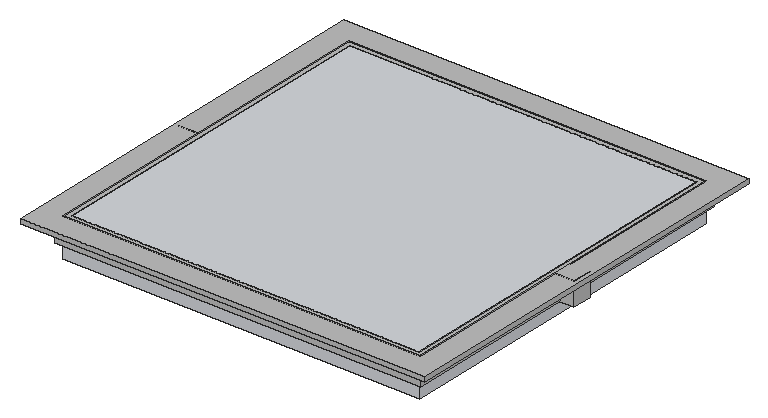
Revit family "Door_Access_Floor_Best_Access_Doors_BA-RRFD-C1-LiftOut", category Specialty Equipment, host Face, Revit 2017
Family settings
  Host = Face
  Round Connector Dimension = Use Diameter
  Part Type = Normal
  Cut with Voids When Loaded = No
  Shared = No
  Room Calculation Point = No
Parameters (values of type "18 x 18 Nom for Tile or Concrete")
  halfswing = (Door Width / 2)  # 0' - 9 3/8"
  Warranty Duration (Years) = 0
  Unit Width = 1' - 6 3/4"
  Unit Weight = 18
  Unit Height = 1' - 6 3/4"
  Unit Depth = 0' - 2"
  URL = "https://www.bestaccessdoors.com/"
  Test Data = ""
  Standards Conformance = "as Specified"
  Specification = ""
  SpecWizard = ""
  Sales Information = ""
  Revision = "R1_2017-03"
  Product data url = "https://bimobject.com/best-access-doors/product/removable-floor-hatch-recessed-for-concrete-access-door"
  Product Properties = ""
  Product Data = ""
  Overall Width = 1' - 9 1/4"
  Overall Height = 1' - 9 1/4"
  Opening Width = Unit Width  # 1' - 6 3/4"
  Opening Height = Unit Height  # 1' - 6 3/4"
  Opening Depth [instance] = 1' - 0"
  Model = "BA-RRFD-T1/BA-RRFD-C1"
  Manufacturer = "Best Access Doors"  # constant formula
  Maintenance Schedule (Months) = 0
  Keynote = ""
  Installation-Fabrication = ""
  Installation Phase = ""
  Green Building-LEED = ""
  Floor Material [instance] = none
  Fixture Finish [instance] = Metal - Best Access Doors - Aluminum
  Expected Lifespan (Years) = 0
  Door Width = Overall Width - (0' 1 1/4" * 2)  # 1' - 6 3/4"
  Door Height = Overall Height - (0' 1 1/4" * 2)  # 1' - 6 3/4"
  Description = "Best Access Doors Lift Out Floor Access Door for Tile or Concrete - BA-RRFD-T1/BA-RRFD-C1 as Specified"
  Default Elevation = 0' - 0"  # constant formula
  Construction Details = ""
  Clearance Material [instance] = Clearance
  Clear Opening Width = 1' - 6"
  Clear Opening Height = 1' - 6"
  Capacity = "150 lbs/sqft"
  Available Options [instance] = "as Specified"
  Assembly Code = ""
Types (8): name | halfswing | Unit Width | Unit Weight | Unit Height | Overall Width | Overall Height | Opening Width | Opening Height | Model | Door Width | Door Height | Description | Clear Opening Width | Clear Opening Height
  24 x 24 Nom for Tile or Concrete | 1' - 0 3/8" | 2' - 0 3/4" | 36 | 2' - 0 3/4" | 2' - 3 1/4" | 2' - 3 1/4" | 2' - 0 3/4" | 2' - 0 3/4" | "BA-RRFD-T1/BA-RRFD-C1" | 2' - 0 3/4" | 2' - 0 3/4" | "Best Access Doors Lift Out Floor Access Door for Tile or Concrete - BA-RRFD-T1/BA-RRFD-C1 as Specified" | 2' - 0" | 2' - 0"
  18 x 18 Nom for Tile or Concrete | 0' - 9 3/8" | 1' - 6 3/4" | 18 | 1' - 6 3/4" | 1' - 9 1/4" | 1' - 9 1/4" | 1' - 6 3/4" | 1' - 6 3/4" | "BA-RRFD-T1/BA-RRFD-C1" | 1' - 6 3/4" | 1' - 6 3/4" | "Best Access Doors Lift Out Floor Access Door for Tile or Concrete - BA-RRFD-T1/BA-RRFD-C1 as Specified" | 1' - 6" | 1' - 6"
  12 x 12 Nom for Tile or Concrete | 0' - 6 3/8" | 1' - 0 3/4" | 9 | 1' - 0 3/4" | 1' - 3 1/4" | 1' - 3 1/4" | 1' - 0 3/4" | 1' - 0 3/4" | "BA-RRFD-T1/BA-RRFD-C1" | 1' - 0 3/4" | 1' - 0 3/4" | "Best Access Doors Lift Out Floor Access Door for Tile or Concrete - BA-RRFD-T1/BA-RRFD-C1 as Specified" | 1' - 0" | 1' - 0"
  8 x 8 Nom for Tile or Concrete | 0' - 4 3/8" | 0' - 8 3/4" | 6 | 0' - 8 3/4" | 0' - 11 1/4" | 0' - 11 1/4" | 0' - 8 3/4" | 0' - 8 3/4" | "BA-RRFD-T1/BA-RRFD-C1" | 0' - 8 3/4" | 0' - 8 3/4" | "Best Access Doors Lift Out Floor Access Door for Tile or Concrete - BA-RRFD-T1/BA-RRFD-C1 as Specified" | 0' - 8" | 0' - 8"
  24 x 24 Nom for Vinyl Tile or Carpet | 1' - 0 3/8" | 2' - 0 3/4" | 36 | 2' - 0 3/4" | 2' - 3 1/4" | 2' - 3 1/4" | 2' - 0 3/4" | 2' - 0 3/4" | "BA-RRFD-18" | 2' - 0 3/4" | 2' - 0 3/4" | "Best Access Doors Lift Out Floor Access Door for Vinyl Tile or Carpet - BA-RRFD-18 as Specified" | 2' - 0" | 2' - 0"
  18 x 18 Nom for Vinyl Tile or Carpet | 0' - 9 3/8" | 1' - 6 3/4" | 18 | 1' - 6 3/4" | 1' - 9 1/4" | 1' - 9 1/4" | 1' - 6 3/4" | 1' - 6 3/4" | "BA-RRFD-18" | 1' - 6 3/4" | 1' - 6 3/4" | "Best Access Doors Lift Out Floor Access Door for Vinyl Tile or Carpet - BA-RRFD-18 as Specified" | 1' - 6" | 1' - 6"
  12 x 12 Nom for Vinyl Tile or Carpet | 0' - 6 3/8" | 1' - 0 3/4" | 9 | 1' - 0 3/4" | 1' - 3 1/4" | 1' - 3 1/4" | 1' - 0 3/4" | 1' - 0 3/4" | "BA-RRFD-18" | 1' - 0 3/4" | 1' - 0 3/4" | "Best Access Doors Lift Out Floor Access Door for Vinyl Tile or Carpet - BA-RRFD-18 as Specified" | 1' - 0" | 1' - 0"
  8 x 8 Nom for Vinyl Tile or Carpet | 0' - 4 3/8" | 0' - 8 3/4" | 6 | 0' - 8 3/4" | 0' - 11 1/4" | 0' - 11 1/4" | 0' - 8 3/4" | 0' - 8 3/4" | "BA-RRFD-18" | 0' - 8 3/4" | 0' - 8 3/4" | "Best Access Doors Lift Out Floor Access Door for Vinyl Tile or Carpet - BA-RRFD-18 as Specified" | 0' - 8" | 0' - 8"
Reference planes (in)
  plane 1 "Center (Front/Back)": y = 1.28343
  plane 2: z = 0
  plane 3 "Center (Left/Right)": x = 0
  plane 4: y = 10.65843
  plane 5: y = -8.09157
  plane 6: x = -9.375
  plane 7: x = 9.375
  plane 8: z = 0
  plane 9: y = 11.90843
  plane 10: y = -9.34157
  plane 11: x = -10.625
  plane 12: x = 10.625
  plane 13: z = -2
  plane 14: x = -9.375
  plane 15: x = 9.375
  plane 16: y = 10.65843
  plane 17: y = -8.09157
  plane 18: z = -12
  plane 19: y = -8.09157
  plane 20: y = 10.65843
  plane 21: x = -9.375
  plane 22: x = 9.375
Forms (in)
  Extrusion 1, void
    sketch origin (0, 0, 0) x (1, 0, 0) y (0, 1, 0)
      loop
        line (-9.375, 10.65843) -> (-9.375, -8.09157) -> (9.375, -8.09157) -> (9.375, 10.65843) -> (-9.375, 10.65843)
    from -12 to 0
  Sweep 2, solid, material "Metal - Best Access Doors - Aluminum" <- "Fixture Finish"
    path origin (0, 0, 0) x (1, 0, 0) y (0, 1, 0)
      loop
        line (-10.625, 11.90843) -> (-10.625, -9.34157) -> (10.625, -9.34157) -> (10.625, 11.90843) -> (-10.625, 11.90843)
    profile origin (0, 11.90843, 0) x (0, 1, 0) y (0, 0, 1)
      loop
        line (-1.25, 0) -> (-1.25, -1.25) -> (-1, -1.25) -> (-1, -0.25) -> (0, -0.25) -> (0, 0) -> (-1.25, 0)
  Extrusion 3, solid, material "Metal - Best Access Doors - Aluminum" <- "Fixture Finish"
    sketch origin (0, 0, 0) x (1, 0, 0) y (0, 1, 0)
      loop
        line (-9.375, 10.65843) -> (-9.375, -8.09157) -> (9.375, -8.09157) -> (9.375, 10.65843) -> (-9.375, 10.65843)
      loop
        line (9.125, 10.40843) -> (-9.125, 10.40843) -> (-9.125, -7.84157) -> (9.125, -7.84157) -> (9.125, 10.40843)
    from 0 to -0.25
  Extrusion 4, solid, material "Metal - Best Access Doors - Aluminum" <- "Fixture Finish"
    sketch origin (0, 0, 0) x (1, 0, 0) y (0, 1, 0)
      loop
        line (-9.125, 10.40843) -> (-9.125, -7.84157) -> (9.125, -7.84157) -> (9.125, 10.40843) -> (-9.125, 10.40843)
    from -0.85435 to -0.25
  Sweep 5, void
    path origin (0, 0, 0) x (1, 0, 0) y (0, 1, 0)
      loop
        line (-10.625, 11.90843) -> (-10.625, -9.34157) -> (10.625, -9.34157) -> (10.625, 11.90843) -> (-10.625, 11.90843)
    profile origin (0, 11.90843, 0) x (0, 1, 0) y (0, 0, 1)
      loop
        line (0, 0) -> (-1.25, 0) -> (-1.25, -1.25) -> (-1, -1.25) -> (-1, -0.25) -> (0, -0.25) -> (0, 0)
  Extrusion 6, solid, material <- "Floor Material"
    sketch origin (0, 0, 0) x (1, 0, 0) y (0, 1, 0)
      loop
        line (-9.125, 10.40843) -> (-9.125, -7.84157) -> (9.125, -7.84157) -> (9.125, 10.40843) -> (-9.125, 10.40843)
    from 0 to -0.25
  Extrusion 7, solid, material "Metal - Best Access Doors - Aluminum" <- "Fixture Finish"
    sketch origin (0, 0, 0) x (1, 0, 0) y (0, 1, 0)
      loop
        line (-9.375, 0.78343) -> (-9.375, 1.78343) -> (-10.375, 1.78343) -> (-10.375, 0.78343) -> (-9.375, 0.78343)
      loop
        line (9.375, 0.78343) -> (10.375, 0.78343) -> (10.375, 1.78343) -> (9.375, 1.78343) -> (9.375, 0.78343)
    from -1.25 to 0
  Extrusion 8, solid
    sketch origin (0, 0, 0) x (1, 0, 0) y (0, 1, 0)
      loop
        line (-9.375, 10.65843) -> (-9.375, -8.09157) -> (9.375, -8.09157) -> (9.375, 10.65843) -> (-9.375, 10.65843)
      loop
        line (-9, -7.71657) -> (9, -7.71657) -> (9, 10.28343) -> (-9, 10.28343) -> (-9, -7.71657)
    from -0.85435 to -2
Cuts and joins
  joined: Extrusion 3, Extrusion 7
Dimensions and locks (in)
  locked: plane 8 to level
  equal spacing: plane 4, plane 1 "Center (Front/Back)", plane 5
  "Unit Height": plane 4 to plane 5
  equal spacing: plane 6, plane 3 "Center (Left/Right)", plane 7
  "Unit Width": plane 6 to plane 7
  equal spacing: plane 11, plane 3 "Center (Left/Right)", plane 12
  equal spacing: plane 9, plane 1 "Center (Front/Back)", plane 10
  "Overall Width": plane 11 to plane 12
  "Overall Height": plane 9 to plane 10
  "Unit Depth": plane 8 to plane 13
  equal spacing: plane 16, plane 1 "Center (Front/Back)", plane 17
  equal spacing: plane 14, plane 3 "Center (Left/Right)", plane 15
  "Opening Width": plane 14 to plane 15
  "Opening Height": plane 16 to plane 17
  "Opening Depth": level to plane 18
  locked: Extrusion 3 sketch curve to plane 10 at 1.25
  locked: plane 9 to Extrusion 3 sketch curve at 1.25
  locked: plane 11 to Extrusion 3 sketch curve at 1.25
  locked: Extrusion 3 sketch curve to plane 12 at 1.25
  locked: plane 9 to Extrusion 4 sketch curve at 1.5
  locked: Extrusion 4 sketch curve to plane 10 at 1.5
  locked: plane 11 to Extrusion 4 sketch curve at 1.5
  locked: Extrusion 4 sketch curve to plane 12 at 1.5
  locked: plane 11 to Extrusion 6 sketch curve at 1.5
  locked: Extrusion 6 sketch curve to plane 12 at 1.5
  locked: plane 9 to Extrusion 6 sketch curve at 1.5
  locked: Extrusion 6 sketch curve to plane 10 at 1.5
  locked: plane 19 to plane 10 at 1.25
  locked: plane 9 to plane 20 at 1.25
  locked: plane 11 to plane 21 at 1.25
  locked: plane 22 to plane 12 at 1.25
  plane 11 to Extrusion 7 sketch curve to Extrusion 7 sketch curve = 0' - 0 1/4" locked, 0' - 1" locked
  Extrusion 7 sketch curve to Extrusion 7 sketch curve to plane 12 = 0' - 1" locked, 0' - 0 1/4" locked
  locked: plane 9 to Extrusion 8 sketch curve at 1.625
  locked: Extrusion 8 sketch curve to plane 10 at 1.625
  locked: plane 11 to Extrusion 8 sketch curve at 1.625
  locked: Extrusion 8 sketch curve to plane 12 at 1.625
  aligned and locked: host face to plane 2
  aligned and locked: host face to level
  aligned and locked: Extrusion 1 sketch curve to plane 16
  aligned and locked: plane 14 to Extrusion 1 sketch curve
  aligned and locked: plane 17 to Extrusion 1 sketch curve
  aligned and locked: Extrusion 1 sketch curve to plane 15
  aligned and locked: Extrusion 1 to plane 18
  aligned and locked: plane 8 to Extrusion 1
  aligned and locked: Sweep 2 sketch curve to plane 9
  aligned and locked: plane 11 to Sweep 2 sketch curve
  aligned and locked: plane 10 to Sweep 2 sketch curve
  aligned and locked: Sweep 2 sketch curve to plane 12
  aligned and locked: plane 10 to Sweep 5 sketch curve
  aligned and locked: Sweep 5 sketch curve to plane 12
  aligned and locked: Extrusion 8 sketch curve to Sweep 2  (x3)
  aligned and locked: plane 6 to Extrusion 8 sketch curve
  aligned and locked: Extrusion 8 to plane 13
Automatic sketch dimensions
  host sketch curve to host sketch curve = 12' - 11.75605"
  host sketch curve to host sketch curve = 12' - 7.74281"
  Extrusion 3 sketch curve to plane 21 = 0' - 0 1/4"
  plane 22 to Extrusion 3 sketch curve = 0' - 0 1/4"
  Extrusion 3 sketch curve to plane 19 = 0' - 0 1/4"
  plane 20 to Extrusion 3 sketch curve = 0' - 0 1/4"
  Sweep 5 sketch curve to plane 11 = 0' - 0"
  Sweep 5 sketch curve to plane 9 = 0' - 0"
  Sweep 5 sketch curve to level = 0' - 0"
  Sweep 5 sketch curve to profile plane = 0' - 0"
  Sweep 5 sketch curve to level = 0' - 0 1/4"
  profile plane to Sweep 5 sketch curve = 0' - 1"
  Sweep 5 sketch curve to Sweep 5 sketch curve = 0' - 0 1/4"
  Sweep 5 sketch curve to Sweep 5 sketch curve = 0' - 1"
  Sweep 2 sketch curve to level = 0' - 0"
  Sweep 2 sketch curve to profile plane = 0' - 0"
  profile plane to Sweep 2 sketch curve = 0' - 1"
  Sweep 2 sketch curve to Sweep 2 sketch curve = 0' - 0 1/4"  (x2)
  Sweep 2 sketch curve to Sweep 2 sketch curve = 0' - 1"
  plane 1 "Center (Front/Back)" to Extrusion 7 sketch curve = 0' - 0 1/2"  (x2)
  Extrusion 7 sketch curve to plane 1 "Center (Front/Back)" = 0' - 0 1/2"  (x2)
